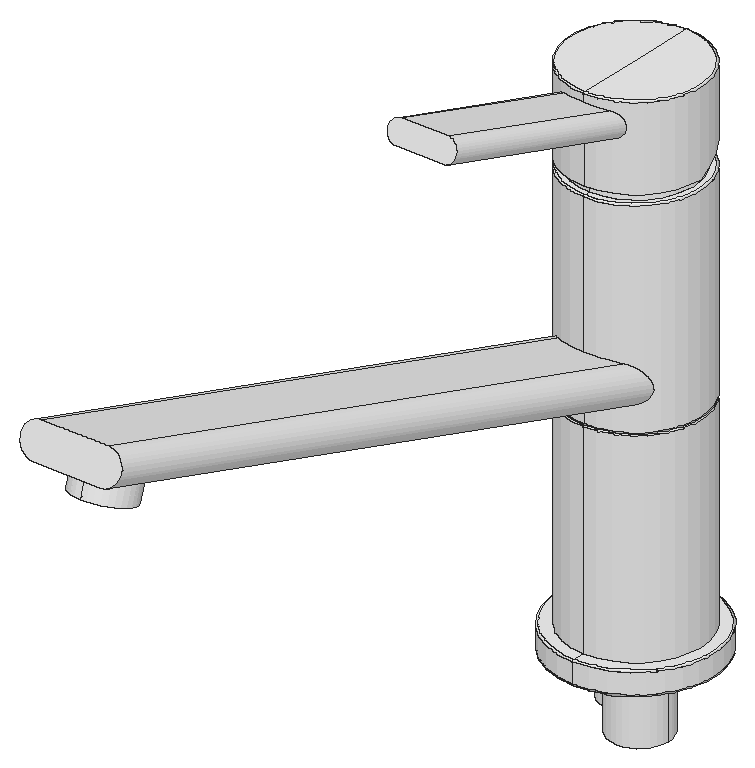
Revit family "Mixer-Sink-Dorf Villa", category Plumbing Fixtures, host Face, Revit 2014
Parameters (values of type "Standard")
  Waste Connection = no
  WELSRating_ANZRS = "WELS 4 Star rated, 7.5L/min"  # constant formula
  Vent Connection = no
  URL = "http://www.dorf.com.au/"
  Type Comments = ""
  Pressure Drop = 0.00 psi
  ModifiedIssue_ANZRS = 20140716.01  # constant formula
  Model = "6905.044A"  # constant formula
  Material_ANZRS = Metal-Chrome-Caroma
  Manufacturer = "GWA Bathrooms & Kitchens"  # constant formula
  HWFU = 1.98  # constant formula
  HW Connection = yes
  Description = "Dorf Villa Sink Mixer"  # constant formula
  Default Elevation = 0 mm
  CreatedBy_ANZRS = "Design Content"  # constant formula
  CreatedByURL_ANZRS = "www.designcontent.com.au"
  Cost = 0
  Connector Radius = 10 mm  # constant formula
  CWFU = 1.98  # constant formula
  CW Connection = yes
  Assembly Code = "D2020300"
Reference planes
  plane 1 "Center (Front/Back)": y = 0
  plane 2: z = 0
  plane 3 "Center (Left/Right)": x = 0
Forms (mm)
  Extrusion 1, solid, material "Metal-Chrome-Caroma" <- "Material_ANZRS"
    sketch origin (0, 0, 0) x (1, 0, 0) y (0, 1, 0)
      loop
        circle (7.071, -7.071) r 10
    from -20 to 0
  Extrusion 2, solid, material "Metal-Chrome-Caroma" <- "Material_ANZRS"
    sketch origin (0, 0, 0) x (1, 0, 0) y (0, 1, 0)
      loop
        circle (-7.071, 7.071) r 10
    from -20 to 0
  Revolve 3, solid, material "Metal-Chrome-Caroma" <- "Material_ANZRS"
    sketch origin (0, 0, 0) x (0, 1, 0) y (0, 0, 1)
      loop
        line (0, 0) -> (26.521, 0)
        arc (26.521, 0) -> (26.875, 0.146) -> (27.021, 0.5) r 0.5
        line (27.021, 0.5) -> (27.021, 7.5)
        arc (27.021, 7.5) -> (26.875, 7.854) -> (26.521, 8) r 0.5
        line (26.521, 8) -> (22.5, 8) -> (22.5, 78.3)
        arc (22.5, 78.3) -> (22.354, 78.654) -> (22, 78.8) r 0.5
        line (22, 78.8) -> (0, 78.8) -> (0, 0)
      axis (0, 78.8) -> (0, 0)
    angle from 0 to 360
  Revolve 4, solid, material "Metal-Chrome-Caroma" <- "Material_ANZRS"
    sketch origin (0, 0, 0) x (0, 1, 0) y (0, 0, 1)
      loop
        line (0, 78.8) -> (22, 78.8)
        arc (22, 78.8) -> (22.354, 78.947) -> (22.5, 79.3) r 0.5
        line (22.5, 79.3) -> (22.5, 149.5)
        arc (22.5, 149.5) -> (22.354, 149.854) -> (22, 150) r 0.5
        line (22, 150) -> (20, 150)
        arc (20, 150) -> (18.995, 156.35) -> (15.928, 162) r 18.975
        line (15.928, 162) -> (0, 162) -> (0, 78.8)
      axis (0, 162) -> (0, 78.8)
    angle from 0 to 360
  Revolve 5, solid, material "Metal-Chrome-Caroma" <- "Material_ANZRS"
    sketch origin (0, 0, 0) x (0, 1, 0) y (0, 0, 1)
      loop
        line (0, 153) -> (0, 182) -> (-22, 182)
        arc (-22, 182) -> (-22.354, 181.854) -> (-22.5, 181.5) r 0.5
        line (-22.5, 181.5) -> (-22.5, 153) -> (0, 153)
      axis (0, 182) -> (0, 153)
    angle from 0 to 360
  Extrusion 6, void
    sketch origin (0, 0, 0) x (0, 1, 0) y (0, 0, 1)
      loop
        line (-3.612, 151.316) -> (23.495, 151.316) -> (23.495, 163.956) -> (-3.612, 151.316)
    from -50 to 50
  Sweep 7, solid, material "Metal-Chrome-Caroma" <- "Material_ANZRS"
    path origin (0, 0, 0) x (0, 1, 0) y (0, 0, 1)
      loop
        line (-8.907, 174.584) -> (-90.976, 201.249)
    profile origin (0, -90.976, 201.249) x (0, -0.309017, -0.951057) y (1, 0, 0)
      loop
        line (0, 8) -> (0, -8)
        arc (0, -8) -> (4, -12) -> (8, -8) r 4
        line (8, -8) -> (8, 8)
        arc (8, 8) -> (4, 12) -> (0, 8) r 4
  Sweep 8, solid, material "Metal-Chrome-Caroma" <- "Material_ANZRS"
    path origin (0, 0, -77.36) x (0, 1, 0) y (0, 0, 1)
      loop
        line (-8.907, 174.559) -> (-242.19, 250.357)
    profile origin (0, -242.19, 172.997) x (0, -0.309017, -0.951057) y (1, 0, 0)
      loop
        line (0, 11.5) -> (0, -11.5)
        arc (0, -11.5) -> (6, -17.5) -> (12, -11.5) r 6
        line (12, -11.5) -> (12, 11.5)
        arc (12, 11.5) -> (6, 17.5) -> (0, 11.5) r 6
  Revolve 9, solid, material "Metal-Chrome-Caroma" <- "Material_ANZRS"
    sketch origin (0, -194.709, 78.667) x (0, 1, 0) y (0, 0, 1)
      loop
        line (-25.848, 66.273) -> (-22.448, 76.735) -> (-32.196, 79.902) -> (-35.286, 70.392) -> (-26.727, 67.611) -> (-27.036, 66.66) -> (-25.848, 66.273)
      axis (-32.196, 79.902) -> (-35.595, 69.441)
    angle from 0 to 360
Cuts and joins
  Extrusion 6 cuts Revolve 5
  joined: Revolve 4, Revolve 5, Sweep 7, Sweep 8, Revolve 9
Lines and regions (mm)
  Masking region 1
    outline origin (0, 0, 0) x (0, 1, 0) y (0, 0, 1)
      loop
        line (-26.521, 0) -> (26.521, 0)
        arc (26.521, 0) -> (26.875, 0.146) -> (27.021, 0.5) r 0.5
        line (27.021, 0.5) -> (27.021, 7.5)
        arc (27.021, 7.5) -> (26.875, 7.854) -> (26.521, 8) r 0.5
        line (26.521, 8) -> (22.5, 8) -> (22.5, 78.3)
        arc (22.5, 78.3) -> (22.354, 78.654) -> (22, 78.8) r 0.5
        arc (22, 78.8) -> (22.354, 78.947) -> (22.5, 79.3) r 0.5
        line (22.5, 79.3) -> (22.5, 149.5)
        arc (22.5, 149.5) -> (22.354, 149.854) -> (22, 150) r 0.5
        line (22, 150) -> (20, 150)
        arc (20, 150) -> (19.216, 155.658) -> (16.783, 160.826) r 18.975
        line (16.783, 160.826) -> (22.5, 163.492) -> (22.5, 181.5)
        arc (22.5, 181.5) -> (22.354, 181.854) -> (22, 182) r 0.5
        line (22, 182) -> (0, 182) -> (-22, 182)
        arc (-22, 182) -> (-22.354, 181.854) -> (-22.5, 181.5) r 0.5
        line (-22.5, 181.5) -> (-22.5, 179) -> (-90.5, 201.095)
        arc (-90.5, 201.095) -> (-90.882, 201.065) -> (-91.13, 200.774) r 0.5
        line (-91.13, 200.774) -> (-93.293, 194.116)
        arc (-93.293, 194.116) -> (-93.263, 193.735) -> (-92.972, 193.486) r 0.5
        line (-92.972, 193.486) -> (-22.5, 170.588) -> (-22.5, 153) -> (-19.802, 153)
        arc (-19.802, 153) -> (-19.96, 151.504) -> (-20, 150) r 18.975
        line (-20, 150) -> (-22, 150)
        arc (-22, 150) -> (-22.354, 149.854) -> (-22.5, 149.5) r 0.5
        line (-22.5, 149.5) -> (-22.5, 101.615) -> (-241.714, 172.842)
        arc (-241.714, 172.842) -> (-242.096, 172.812) -> (-242.344, 172.521) r 0.5
        line (-242.344, 172.521) -> (-245.743, 162.06)
        arc (-245.743, 162.06) -> (-245.713, 161.678) -> (-245.422, 161.43) r 0.5
        line (-245.422, 161.43) -> (-237.58, 158.882) -> (-240.052, 151.275) -> (-220.556, 144.941) -> (-218.085, 152.547) -> (-22.5, 88.998) -> (-22.5, 79.3)
        arc (-22.5, 79.3) -> (-22.354, 78.947) -> (-22, 78.8) r 0.5
        arc (-22, 78.8) -> (-22.354, 78.654) -> (-22.5, 78.3) r 0.5
        line (-22.5, 78.3) -> (-22.5, 8) -> (-26.521, 8)
        arc (-26.521, 8) -> (-26.875, 7.854) -> (-27.021, 7.5) r 0.5
        line (-27.021, 7.5) -> (-27.021, 0.5)
        arc (-27.021, 0.5) -> (-26.875, 0.146) -> (-26.521, 0) r 0.5
  Masking region 2
    outline origin (0, 0, 0) x (1, 0, 0) y (0, 0, 1)
      loop
        arc (26.521, 0) -> (26.875, 0.146) -> (27.021, 0.5) r 0.5
        line (27.021, 0.5) -> (27.021, 7.5)
        arc (27.021, 7.5) -> (26.875, 7.854) -> (26.521, 8) r 0.5
        line (26.521, 8) -> (22.5, 8) -> (22.5, 78.3)
        arc (22.5, 78.3) -> (22.354, 78.654) -> (22, 78.8) r 0.5
        arc (22, 78.8) -> (22.354, 78.947) -> (22.5, 79.3) r 0.5
        line (22.5, 79.3) -> (22.5, 149.5)
        arc (22.5, 149.5) -> (22.354, 149.854) -> (22, 150) r 0.5
        line (22, 150) -> (20, 150)
        arc (20, 150) -> (19.96, 151.504) -> (19.802, 153) r 18.975
        line (19.802, 153) -> (22.5, 153) -> (22.5, 181.5)
        arc (22.5, 181.5) -> (22.354, 181.854) -> (22, 182) r 0.5
        line (22, 182) -> (12, 182) -> (12, 197.445)
        spline (12, 197.445) -> (11.966, 197.942) -> (11.864, 198.43) -> (11.695, 198.901) -> (11.464, 199.347) -> (11.173, 199.761) -> (10.828, 200.135) -> (10.435, 200.463) -> (10, 200.74) -> (9.531, 200.96) -> (9.035, 201.12) -> (8.522, 201.217) -> (8, 201.249)
        line (8, 201.249) -> (-8, 201.249)
        spline (-8, 201.249) -> (-8.522, 201.217) -> (-9.035, 201.12) -> (-9.531, 200.96) -> (-10, 200.74) -> (-10.435, 200.463) -> (-10.828, 200.135) -> (-11.173, 199.761) -> (-11.464, 199.347) -> (-11.695, 198.901) -> (-11.864, 198.43) -> (-11.966, 197.942) -> (-12, 197.445)
        line (-12, 197.445) -> (-12, 182) -> (-22, 182)
        arc (-22, 182) -> (-22.354, 181.854) -> (-22.5, 181.5) r 0.5
        line (-22.5, 181.5) -> (-22.5, 153) -> (-19.802, 153)
        arc (-19.802, 153) -> (-19.96, 151.504) -> (-20, 150) r 18.975
        line (-20, 150) -> (-22, 150)
        arc (-22, 150) -> (-22.354, 149.854) -> (-22.5, 149.5) r 0.5
        line (-22.5, 149.5) -> (-22.5, 79.3)
        arc (-22.5, 79.3) -> (-22.354, 78.947) -> (-22, 78.8) r 0.5
        arc (-22, 78.8) -> (-22.354, 78.654) -> (-22.5, 78.3) r 0.5
        line (-22.5, 78.3) -> (-22.5, 8) -> (-26.521, 8)
        arc (-26.521, 8) -> (-26.875, 7.854) -> (-27.021, 7.5) r 0.5
        line (-27.021, 7.5) -> (-27.021, 0.5)
        arc (-27.021, 0.5) -> (-26.875, 0.146) -> (-26.521, 0) r 0.5
        line (-26.521, 0) -> (26.521, 0)
  Masking region 3
    outline origin (0, 0, 0) x (1, 0, 0) y (0, 1, 0)
      loop
        arc (17.5, -20.561) -> (0, 27) -> (-17.5, -20.561) r 27
        line (-17.5, -20.561) -> (-17.5, -244.044)
        spline (-17.5, -244.044) -> (-17.449, -244.286) -> (-17.295, -244.524) -> (-17.043, -244.753) -> (-16.696, -244.971) -> (-16.26, -245.172) -> (-15.743, -245.355) -> (-15.152, -245.515) -> (-14.5, -245.649) -> (-13.796, -245.757) -> (-13.053, -245.835) -> (-12.283, -245.882) -> (-11.5, -245.898)
        line (-11.5, -245.898) -> (11.5, -245.898)
        spline (11.5, -245.898) -> (12.283, -245.882) -> (13.053, -245.835) -> (13.796, -245.757) -> (14.5, -245.649) -> (15.152, -245.515) -> (15.743, -245.355) -> (16.26, -245.172) -> (16.696, -244.971) -> (17.043, -244.753) -> (17.295, -244.524) -> (17.449, -244.286) -> (17.5, -244.044)
        line (17.5, -244.044) -> (17.5, -20.561)
  symbolic lines, style "Taps/Mixers"
    curve 1: line (0, -19.802, 153) -> (0, 0, 153)
    curve 2: line (0, 0, 153) -> (0, 16.778, 160.824)
    curve 3: line (0, 20, 150) -> (0, -20, 150)
    curve 4: line (0, 22, 78.8) -> (0, -22, 78.8)
    curve 5: line (0, 22.5, 8) -> (0, -22.5, 8)
    curve 6: line (0, -218.085, 152.547) -> (0, -237.58, 158.882)
    curve 7: line (0, -19.339, 87.971) -> (0, -19.339, 100.588)
    curve 8: line (0, -21.03, 170.111) -> (0, -21.03, 178.522)
    curve 9: line (0, -21.03, 178.522) -> (0, -22.5, 179)
    curve 10: line (0, -21.03, 170.111) -> (0, -22.5, 170.588)
    curve 11: line (0, -19.339, 100.588) -> (0, -22.5, 101.615)
    curve 12: line (0, -19.339, 87.971) -> (0, -22.501, 88.998)
    curve 13: spline (0, 0, 88.998) -> (-1.01, 0, 88.99) -> (-2.018, 0, 88.968) -> (-3.022, 0, 88.931) -> (-4.019, 0, 88.88) -> (-5.007, 0, 88.814) -> (-5.984, 0, 88.735) -> (-6.948, 0, 88.641) -> (-7.897, 0, 88.533) -> (-8.829, 0, 88.412) -> (-9.741, 0, 88.278) -> (-10.632, 0, 88.131) -> (-11.5, 0, 87.971)
    curve 14: spline (-11.5, 0, 172.997) -> (-13.053, 0, 172.803) -> (-14.5, 0, 172.232) -> (-15.743, 0, 171.326) -> (-16.696, 0, 170.144) -> (-17.295, 0, 168.768) -> (-17.5, 0, 167.291) -> (-17.295, 0, 165.814) -> (-16.696, 0, 164.437) -> (-15.743, 0, 163.256) -> (-14.5, 0, 162.349) -> (-13.053, 0, 161.779) -> (-11.5, 0, 161.584)
    curve 15: line (-11.5, 0, 161.584) -> (11.5, 0, 161.584)
    curve 16: spline (11.5, 0, 161.584) -> (13.053, 0, 161.779) -> (14.5, 0, 162.349) -> (15.743, 0, 163.256) -> (16.696, 0, 164.437) -> (17.295, 0, 165.814) -> (17.5, 0, 167.291) -> (17.295, 0, 168.768) -> (16.696, 0, 170.144) -> (15.743, 0, 171.326) -> (14.5, 0, 172.232) -> (13.053, 0, 172.803) -> (11.5, 0, 172.997)
    curve 17: line (11.5, 0, 172.997) -> (-11.5, 0, 172.997)
    curve 18: line (-17.5, 0, 167.291) -> (-17.5, 0, 92.291)
    curve 19: arc (-17.5, 0, 92.291) -> (-16.644, 0, 89.683) -> (-14.409, 0, 88.091) r 4.398
    curve 20: arc (-14.409, 0, 88.091) -> (-12.962, 0, 87.841) -> (-11.5, 0, 87.971) r 5.66
    curve 21: spline (0, 0, 88.998) -> (1.01, 0, 88.99) -> (2.018, 0, 88.968) -> (3.022, 0, 88.931) -> (4.019, 0, 88.88) -> (5.007, 0, 88.814) -> (5.984, 0, 88.735) -> (6.948, 0, 88.641) -> (7.897, 0, 88.533) -> (8.829, 0, 88.412) -> (9.741, 0, 88.278) -> (10.632, 0, 88.131) -> (11.5, 0, 87.971)
    curve 22: line (17.5, 0, 167.291) -> (17.5, 0, 92.291)
    curve 23: arc (17.5, 0, 92.291) -> (16.644, 0, 89.683) -> (14.409, 0, 88.091) r 4.398
    curve 24: arc (14.409, 0, 88.091) -> (12.962, 0, 87.841) -> (11.5, 0, 87.971) r 5.66
    curve 25: spline (-8, 0, 201.249) -> (-9.035, 0, 201.12) -> (-10, 0, 200.74) -> (-10.828, 0, 200.135) -> (-11.464, 0, 199.347) -> (-11.864, 0, 198.43) -> (-12, 0, 197.445) -> (-11.864, 0, 196.46) -> (-11.464, 0, 195.543) -> (-10.828, 0, 194.755) -> (-10, 0, 194.15) -> (-9.035, 0, 193.77) -> (-8, 0, 193.641)
    curve 26: line (-8, 0, 193.641) -> (8, 0, 193.641)
    curve 27: spline (8, 0, 193.641) -> (9.035, 0, 193.77) -> (10, 0, 194.15) -> (10.828, 0, 194.755) -> (11.464, 0, 195.543) -> (11.864, 0, 196.46) -> (12, 0, 197.445) -> (11.864, 0, 198.43) -> (11.464, 0, 199.347) -> (10.828, 0, 200.135) -> (10, 0, 200.74) -> (9.035, 0, 201.12) -> (8, 0, 201.249)
    curve 28: line (-12, 0, 197.445) -> (-12, 0, 172.977)
    curve 29: line (12, 0, 197.445) -> (12, 0, 172.977)
    curve 30: spline (-8.999, 0, 148.108) -> (-8.693, 0, 148.828) -> (-7.794, 0, 149.498) -> (-6.363, 0, 150.074) -> (-4.5, 0, 150.516) -> (-2.329, 0, 150.794) -> (0, 0, 150.889) -> (2.329, 0, 150.794) -> (4.5, 0, 150.516) -> (6.363, 0, 150.074) -> (7.794, 0, 149.498) -> (8.693, 0, 148.828) -> (8.999, 0, 148.108) -> (8.693, 0, 147.388) -> (7.794, 0, 146.717) -> (6.363, 0, 146.141) -> (4.5, 0, 145.7) -> (2.329, 0, 145.422) -> (0, 0, 145.327) -> (-2.329, 0, 145.422) -> (-4.5, 0, 145.7) -> (-6.363, 0, 146.141) -> (-7.794, 0, 146.717) -> (-8.693, 0, 147.388) -> (-8.999, 0, 148.108)
    curve 31: spline (10.249, 0, 148.108) -> (9.9, 0, 148.928) -> (8.876, 0, 149.692) -> (7.247, 0, 150.347) -> (5.125, 0, 150.851) -> (2.653, 0, 151.167) -> (0, 0, 151.275) -> (-2.653, 0, 151.167) -> (-5.125, 0, 150.851) -> (-7.247, 0, 150.347) -> (-8.876, 0, 149.692) -> (-9.9, 0, 148.928) -> (-10.249, 0, 148.108) -> (-9.9, 0, 147.288) -> (-8.876, 0, 146.524) -> (-7.247, 0, 145.868) -> (-5.125, 0, 145.365) -> (-2.653, 0, 145.049) -> (0, 0, 144.941) -> (2.653, 0, 145.049) -> (5.125, 0, 145.365) -> (7.247, 0, 145.868) -> (8.876, 0, 146.524) -> (9.9, 0, 147.288) -> (10.249, 0, 148.108)
    curve 32: spline (-10.249, 0, 155.714) -> (-9.9, 0, 156.534) -> (-8.876, 0, 157.298) -> (-7.247, 0, 157.954) -> (-5.125, 0, 158.457) -> (-2.653, 0, 158.774) -> (0, 0, 158.882) -> (2.653, 0, 158.774) -> (5.125, 0, 158.457) -> (7.247, 0, 157.954) -> (8.876, 0, 157.298) -> (9.9, 0, 156.534) -> (10.249, 0, 155.714)
    curve 33: line (-10.249, 0, 155.714) -> (-10.249, 0, 148.108)
    curve 34: line (10.249, 0, 155.714) -> (10.249, 0, 148.108)
    curve 35: line (-19.802, 0, 153) -> (-17.5, 0, 153)
    curve 36: line (-20, 0, 150) -> (-17.5, 0, 150)
    curve 37: line (19.802, 0, 153) -> (17.5, 0, 153)
    curve 38: line (20, 0, 150) -> (17.5, 0, 150)
    curve 39: line (-22, 0, 78.8) -> (22, 0, 78.8)
    curve 40: line (-22.5, 0, 8) -> (22.5, 0, 8)
    curve 41: line (8, -90.976, 0) -> (-8, -90.976, 0)
    curve 42: line (-8, -93.448, 0) -> (8, -93.448, 0)
    curve 43: spline (-8, -90.976, 0) -> (-9.035, -91.018, 0) -> (-10, -91.141, 0) -> (-10.828, -91.338, 0) -> (-11.464, -91.594, 0) -> (-11.864, -91.892, 0) -> (-12, -92.212, 0) -> (-11.864, -92.532, 0) -> (-11.464, -92.83, 0) -> (-10.828, -93.086, 0) -> (-10, -93.282, 0) -> (-9.035, -93.406, 0) -> (-8, -93.448, 0)
    curve 44: spline (8, -93.448, 0) -> (9.035, -93.406, 0) -> (10, -93.282, 0) -> (10.828, -93.086, 0) -> (11.464, -92.83, 0) -> (11.864, -92.532, 0) -> (12, -92.212, 0) -> (11.864, -91.892, 0) -> (11.464, -91.594, 0) -> (10.828, -91.338, 0) -> (10, -91.141, 0) -> (9.035, -91.018, 0) -> (8, -90.976, 0)
    curve 45: line (11.5, -242.19, 0) -> (-11.5, -242.19, 0)
    curve 46: spline (-11.5, -242.19, 0) -> (-13.053, -242.253, 0) -> (-14.5, -242.438, 0) -> (-15.743, -242.733, 0) -> (-16.696, -243.117, 0) -> (-17.295, -243.564, 0) -> (-17.5, -244.044, 0) -> (-17.295, -244.524, 0) -> (-16.696, -244.971, 0) -> (-15.743, -245.355, 0) -> (-14.5, -245.649, 0) -> (-13.053, -245.835, 0) -> (-11.5, -245.898, 0)
    curve 47: spline (11.5, -245.898, 0) -> (13.053, -245.835, 0) -> (14.5, -245.649, 0) -> (15.743, -245.355, 0) -> (16.696, -244.971, 0) -> (17.295, -244.524, 0) -> (17.5, -244.044, 0) -> (17.295, -243.564, 0) -> (16.696, -243.117, 0) -> (15.743, -242.733, 0) -> (14.5, -242.438, 0) -> (13.053, -242.253, 0) -> (11.5, -242.19, 0)
    curve 48: arc (0, 22.5, 0) -> (-22.5, 0, 0) -> (0, -22.5, 0) r 22.5
    curve 49: arc (0, -22.5, 0) -> (22.5, 0, 0) -> (0, 22.5, 0) r 22.5
    curve 50: line (-12, -92.212, 0) -> (-12, -19.033, 0)
    curve 51: line (12, -92.212, 0) -> (12, -19.033, 0)
    curve 52: line (-17.5, -244.044, 0) -> (-17.5, -14.142, 0)
    curve 53: line (17.5, -244.044, 0) -> (17.5, -14.142, 0)
Dimensions and locks
  aligned and locked: plane 2 to host face
  aligned and locked: level to host face
Connectors
  piping at (7.071, -7.071, -20), diameter 20, driven by "Connector Radius", driven by "CWFU", driven by "Pressure Drop"
    settings: on Extrusion 1, index 5, connector inside diameter 0.7874", connector length 0 mm, flow factor 0, pipe flow 0 GPM, pressure drop 0.00 psi, fitting loss kfactor 0, connector angle 0.00°, fixture units 1.98, engagement length 0 mm, angle of deflection 0.00°, flow configuration 3, flow direction 1, fitting loss method 4, system type 20, joint type 0, gender type 0, connector reference index -1, connector utility 0, adjustable connector no, is connector primary yes, connector description ""
  piping at (-7.071, 7.071, -20), diameter 20, driven by "Connector Radius", driven by "HWFU", driven by "Pressure Drop"
    settings: on Extrusion 2, index 6, connector inside diameter 0.7874", connector length 0 mm, flow factor 0, pipe flow 0 GPM, pressure drop 0.00 psi, fitting loss kfactor 0, connector angle 0.00°, fixture units 1.98, engagement length 0 mm, angle of deflection 0.00°, flow configuration 3, flow direction 1, fitting loss method 4, system type 19, joint type 0, gender type 0, connector reference index -1, connector utility 0, adjustable connector no, is connector primary no, connector description ""
